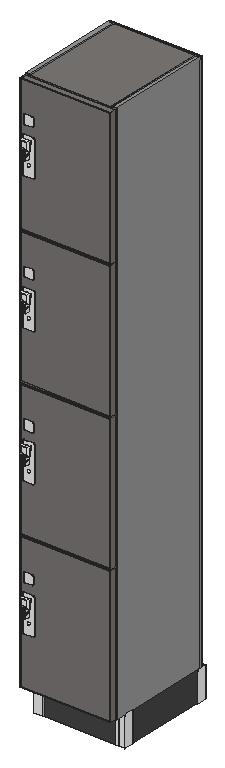
Revit family "Wood_Lockers_Hasps-Salsbury_Industries-44000_Series-1_Wide_Units", category Specialty Equipment, Revit 2026 (continued)
Definition of nested family "Premier Locker Doors_Hasp"
  Dimensions and locks (in)
    aligned and locked: plane 59 to cut or joined group of Extrusion 18, Extrusion 19
    aligned and locked: plane 61 to Extrusion 13 sketch curve  (x2)
    aligned and locked: plane 62 to Extrusion 13 sketch curve  (x2)
  Automatic sketch dimensions
    Extrusion 1 sketch curve to plane 4 "Left Side of Door" = 0.031"
    plane 5 "Right Side of Door" to Extrusion 1 sketch curve = 0.031"
    level to Extrusion 1 sketch curve = 0.031"
    plane 9 "Top of Door" to Extrusion 1 sketch curve = 0.031"
    Extrusion 2 sketch curve to plane 4 "Left Side of Door" = 0.031"
    plane 5 "Right Side of Door" to Extrusion 2 sketch curve = 0.031"
    level to Extrusion 2 sketch curve = 0.031"
    plane 9 "Top of Door" to Extrusion 2 sketch curve = 0.031"
    Extrusion 3 sketch curve to plane 4 "Left Side of Door" = 0.031"
    plane 5 "Right Side of Door" to Extrusion 3 sketch curve = 0.031"
    level to Extrusion 3 sketch curve = 0.031"
    plane 9 "Top of Door" to Extrusion 3 sketch curve = 0.031"
    plane 23 "Left Side of Door-Right Side of Trim" to Sweep 4 sketch curve = 0.000"
    plane 24 "Right Side of Door-Left Side of Trim" to Sweep 4 sketch curve = 0.000"  (x2)
    Sweep 4 sketch curve to plane 26 "Bottom of Door-Top of Trim" = 0.000"
    Sweep 4 sketch curve to plane 25 "Top of Door-Bottom of Trim" = 0.000"
    profile plane to Sweep 4 sketch curve = 0.125"
    Sweep 4 sketch curve to Sweep 4 sketch curve = 0.031"
    Sweep 4 sketch curve to plane 1 "Center (Front/Back)" = 0.375"
    plane 1 "Center (Front/Back)" to Sweep 4 sketch curve = 0.375"
    Extrusion 7 sketch curve to plane 33 = 0.000"
    Extrusion 7 sketch curve to plane 34 = 0.000"
    plane 36 to Extrusion 8 sketch curve = 0.000"
    Extrusion 8 sketch curve to Extrusion 8 sketch curve = 0.500"
    plane 35 "Top Hinge" to Extrusion 8 sketch curve = 0.250"
    Extrusion 8 sketch curve to plane 35 "Top Hinge" = 0.250"
    plane 36 to Extrusion 9 sketch curve = 0.000"
    Extrusion 9 sketch curve to Extrusion 9 sketch curve = 0.500"
    plane 37 "Bottom Hinge" to Extrusion 9 sketch curve = 0.250"
    Extrusion 9 sketch curve to plane 37 "Bottom Hinge" = 0.250"
    plane 36 to Extrusion 10 sketch curve = 0.000"
    Extrusion 10 sketch curve to Extrusion 10 sketch curve = 0.500"
    curve 4 to level = 0.000"
    plane 4 "Left Side of Door" to curve 4 = 0.000"
    plane 5 "Right Side of Door" to curve 3 = 0.000"
    curve 3 to plane 9 "Top of Door" = 0.000"
    Extrusion 5 sketch curve to plane 13 "Left Side of Number Tag" = 0.000"
    Extrusion 5 sketch curve to plane 12 "Bottom of Number Tag" = 0.000"
    Extrusion 5 sketch curve to plane 11 "Top of Number Tag" = 0.000"
    Extrusion 5 sketch curve to plane 14 "Right Side of Number Tag" = 0.000"
    Extrusion 6 sketch curve to plane 13 "Left Side of Number Tag" = 0.000"
    Extrusion 6 sketch curve to plane 12 "Bottom of Number Tag" = 0.000"
    Extrusion 6 sketch curve to plane 11 "Top of Number Tag" = 0.000"
    Extrusion 6 sketch curve to plane 14 "Right Side of Number Tag" = 0.000"
    Extrusion 11 sketch curve to plane 13 "Left Side of Number Tag" = 0.125"
    Extrusion 10 sketch curve to plane 10 "Center of Door" = 0.250"
    plane 10 "Center of Door" to Extrusion 10 sketch curve = 0.250"
    Extrusion 11 sketch curve to plane 21 "Bottom of Lock" = 0.125"
    plane 13 "Left Side of Number Tag" to Extrusion 5 sketch curve = 0.14916"
    Extrusion 5 sketch curve to Extrusion 5 sketch curve = 0.14916"  (x2)
    plane 13 "Left Side of Number Tag" to Extrusion 6 sketch curve = 0.14916"
    Extrusion 6 sketch curve to plane 12 "Bottom of Number Tag" = 0.14916"
    plane 13 "Left Side of Number Tag" to Extrusion 11 sketch curve = 0.000"  (x2)
    Extrusion 5 sketch curve to plane 12 "Bottom of Number Tag" = 0.14916"
    Extrusion 6 sketch curve to plane 14 "Right Side of Number Tag" = 0.14916"  (x2)
    plane 14 "Right Side of Number Tag" to Extrusion 11 sketch curve = 0.000"  (x2)
    Extrusion 12 sketch curve to plane 17 "Left Side of Lock" = 0.000"
    plane 13 "Left Side of Number Tag" to Extrusion 12 sketch curve = 0.000"  (x2)
    plane 14 "Right Side of Number Tag" to Extrusion 12 sketch curve = 0.000"  (x2)
    Extrusion 12 sketch curve to plane 20 "Top of Lock" = 0.000"
    Extrusion 12 sketch curve to plane 18 "Right Side of Lock" = 0.000"
    Extrusion 12 sketch curve to plane 21 "Bottom of Lock" = 0.125"
    plane 15 "Horizontal Center of Number Tag" to Sweep 14 sketch curve = 0.000"
    Sweep 14 sketch curve to plane 50 "Stud Alignment" = 0.000"
    Sweep 14 sketch curve to plane 7 "Front of Door" = 0.000"
    Sweep 14 sketch curve to profile plane = 0.000"
    profile plane to Sweep 14 sketch curve = 0.00168"
    profile plane to Sweep 14 sketch curve = 0.156"
    Sweep 14 sketch curve to plane 7 "Front of Door" = 0.03275"
    Extrusion 15 sketch curve to Extrusion 15 sketch curve = 0.000"  (x2)
    Extrusion 15 sketch curve to plane 50 "Stud Alignment" = 0.000"
    plane 15 "Horizontal Center of Number Tag" to Extrusion 15 sketch curve = 0.000"
    plane 15 "Horizontal Center of Number Tag" to Extrusion 15 sketch curve = 0.010"
    plane 13 "Left Side of Number Tag" to Sweep 16 sketch curve = 0.000"
    plane 14 "Right Side of Number Tag" to Sweep 16 sketch curve = 0.000"
    Sweep 16 sketch curve to plane 45 = 0.000"
    Sweep 16 sketch curve to plane 42 = 0.000"
    Sweep 16 sketch curve to plane 7 "Front of Door" = 0.000"
    profile plane to Sweep 16 sketch curve = 0.000"
    profile plane to Sweep 16 sketch curve = 0.22043"
    Sweep 16 sketch curve to Sweep 16 sketch curve = 0.01681"
    profile plane to Sweep 16 sketch curve = 0.33926"
    Sweep 16 sketch curve to Sweep 16 sketch curve = 0.14344"
    Sweep 16 sketch curve to Sweep 16 sketch curve = 0.15329"
    Sweep 16 sketch curve to Sweep 16 sketch curve = 0.59563"
    Sweep 16 sketch curve to Sweep 16 sketch curve = 0.24142"
    Sweep 16 sketch curve to Sweep 16 sketch curve = 0.00858"
    Sweep 16 sketch curve to Sweep 16 sketch curve = 0.51788"
    Sweep 16 sketch curve to Sweep 16 sketch curve = 0.31119"
    Sweep 16 sketch curve to Sweep 16 sketch curve = 0.11721"
    Sweep 16 sketch curve to Sweep 16 sketch curve = 0.01742"
    Sweep 16 sketch curve to Sweep 16 sketch curve = 0.06553"
    Sweep 16 sketch curve to Sweep 16 sketch curve = 0.000"
    Blend 17 sketch curve to plane 54 = 0.000"
    Blend 17 sketch curve to plane 55 = 0.000"
    Blend 17 sketch curve to plane 47 = 0.21496"
    plane 48 to Blend 17 sketch curve = 0.21496"
    plane 54 to Blend 17 sketch curve = 0.03267"
    Blend 17 sketch curve to plane 40 = 0.00461"
    Blend 17 sketch curve to plane 47 = 0.18235"
    plane 48 to Blend 17 sketch curve = 0.18227"
    Extrusion 18 sketch curve to plane 57 = 0.000"
    Extrusion 18 sketch curve to plane 58 = 0.000"
    plane 59 to Extrusion 19 sketch curve = 0.000"
    Extrusion 19 sketch curve to plane 22 "Front of Hasp Stud" = 0.16637"
    curve 29 to plane 14 "Right Side of Number Tag" = 0.000"
    curve 29 to plane 20 "Top of Lock" = 0.000"
    curve 30 to plane 18 "Right Side of Lock" = 0.000"
    curve 29 to plane 13 "Left Side of Number Tag" = 0.000"
    curve 31 to plane 42 = 0.000"
    curve 32 to plane 21 "Bottom of Lock" = 0.125"
    curve 34 to plane 14 "Right Side of Number Tag" = 0.000"
    curve 35 to plane 13 "Left Side of Number Tag" = 0.000"
    plane 15 "Horizontal Center of Number Tag" to curve 37 = 0.000"
    plane 47 to curve 37 = 0.000"
    plane 57 to curve 37 = 0.0599"
    curve 39 to plane 58 = 0.0661"
    curve 42 to plane 14 "Right Side of Number Tag" = 0.000"
    curve 41 to plane 13 "Left Side of Number Tag" = 0.000"
    curve 41 to plane 45 = 0.000"
    curve 43 to plane 42 = 0.000"
    curve 46 to plane 57 = 0.000"
    curve 46 to plane 15 "Horizontal Center of Number Tag" = 0.063"
    plane 15 "Horizontal Center of Number Tag" to curve 45 = 0.063"
    curve 47 to plane 58 = 0.000"
    curve 15 to plane 6 "Back of Door" = 0.000"
    plane 9 "Top of Door" to curve 15 = 0.000"
    plane 57 to curve 49 = 0.000"
    curve 51 to plane 56 "Front of Latch" = 0.000"
    plane 58 to curve 51 = 0.000"
    curve 17 to level = 0.000"
    plane 59 to curve 52 = 0.000"
    curve 53 to plane 22 "Front of Hasp Stud" = 0.16637"
    plane 7 "Front of Door" to curve 53 = 0.04137"
    plane 53 to curve 54 = 0.05633"
    curve 54 to plane 22 "Front of Hasp Stud" = 0.11642"
    plane 55 to curve 55 = 0.00161"
    curve 55 to plane 40 = 0.00465"
    plane 45 to curve 56 = 0.000"
    curve 56 to plane 39 "Front of Knob" = 0.01788"
    curve 56 to plane 40 = 0.08926"
    plane 55 to curve 57 = 0.000"
    curve 57 to plane 40 = 0.03757"
    plane 39 "Front of Knob" to curve 57 = 0.004"
    plane 42 to curve 60 = 0.000"
    curve 58 to plane 39 "Front of Knob" = 0.000"
    plane 54 to curve 58 = 0.000"
    plane 54 to curve 59 = 0.000"
    plane 55 to curve 58 = 0.000"
    curve 60 to plane 39 "Front of Knob" = 0.01788"
    curve 60 to plane 52 = 0.09774"
    plane 54 to curve 60 = 0.03261"
    plane 56 "Front of Latch" to curve 59 = 0.02711"
    plane 54 to curve 59 = 0.06553"
    plane 39 "Front of Knob" to curve 59 = 0.004"
    curve 61 to plane 54 = 0.00161"
    curve 61 to plane 22 "Front of Hasp Stud" = 0.11642"
    plane 6 "Back of Door" to curve 9 = 0.000"
    curve 6 to plane 4 "Left Side of Door" = 0.000"
    plane 7 "Front of Door" to curve 6 = 0.000"
    plane 7 "Front of Door" to curve 28 = 0.000"
    curve 67 to plane 14 "Right Side of Number Tag" = 0.000"
    curve 65 to plane 13 "Left Side of Number Tag" = 0.000"
    curve 66 to plane 39 "Front of Knob" = 0.000"
    curve 28 to plane 17 "Left Side of Lock" = 0.000"
    curve 28 to plane 18 "Right Side of Lock" = 0.000"
    curve 8 to plane 5 "Right Side of Door" = 0.000"
    curve 64 to plane 22 "Front of Hasp Stud" = 0.11642"
    curve 69 to plane 22 "Front of Hasp Stud" = 0.11642"
    curve 68 to plane 39 "Front of Knob" = 0.01788"
    curve 65 to plane 39 "Front of Knob" = 0.01788"
    curve 14 to plane 23 "Left Side of Door-Right Side of Trim" = 0.07537"
    plane 48 to curve 64 = 0.21657"
    plane 48 to curve 65 = 0.09774"
    plane 48 to curve 63 = 0.05633"
    curve 70 to plane 47 = 0.05633"
    curve 68 to plane 47 = 0.09774"
    curve 69 to curve 69 = 0.16024"
    curve 64 to curve 65 = 0.15655"
    curve 69 to curve 68 = 0.15655"
    plane 39 "Front of Knob" to curve 67 = 0.004"
    plane 33 to curve 14 = 0.250"
    curve 66 to curve 65 = 0.11721"
    curve 67 to plane 47 = 0.14943"
    curve 68 to curve 66 = 0.11721"
    curve 67 to curve 66 = 0.000"
    plane 39 "Front of Knob" to curve 71 = 0.004"
    curve 71 to curve 66 = 0.000"
    plane 48 to curve 71 = 0.14943"
    plane 1 "Center (Front/Back)" to curve 73 = 0.000"
    curve 73 to plane 4 "Left Side of Door" = 0.000"
    curve 73 to plane 60 = 0.000"
    plane 48 to Extrusion 13 sketch curve = 0.000"
    plane 15 "Horizontal Center of Number Tag" to Extrusion 13 sketch curve = 0.000"
    radius of Extrusion 7 sketch curve = 0.250"
    radius of Sweep 14 sketch curve = 0.010"
    radius of Extrusion 19 sketch curve = 0.250"
Definition of nested family "Wood Locker Bases"
  Parameters (values of type "Base - 12" W x 15" D Lockers")
    Width = 12.000"
    Visible Base = yes
    Visible = no
    Model = "Base - 12\" W x 15\" D Lockers"
    Manufacturer = "Salsbury Industries"
    Height = 4.000"
    Depth = 13.250"
    Default Elevation = 0.000"
    Base Secondary Material = none
    Base Primary Materials = none
    Base Hardware = none
  Types (14): name | Width | Visible Base | Visible | Model | Depth
    (no name) | 12.000" | yes | no | "Base - 12\" W x 15\" D Lockers" | 13.250"
    Base - 12" W x 15" D Lockers | 12.000" | yes | no | "Base - 12\" W x 15\" D Lockers" | 13.250"
    Base - 12" W x 18" D Lockers | 12.000" | yes | no | "Base - 12\" W x 18\" D Lockers" | 16.250"
    Base - 12" W x 21" D Lockers | 12.000" | yes | no | "Base - 12\" W x 21\" D Lockers" | 19.250"
    Base - 36" W x 15" D Lockers | 36.000" | yes | yes | "Base - 36\" W x 15\" D Lockers" | 13.250"
    Base - 36" W x 18" D Lockers | 36.000" | yes | yes | "Base - 36\" W x 18\" D Lockers" | 16.250"
    Base - 36" W x 21" D Lockers | 36.000" | yes | yes | "Base - 36\" W x 21\" D Lockers" | 19.250"
    Base - 15" W x 18" D Lockers | 15.000" | yes | no | "Base - 15\" W x 18\" D Lockers" | 16.250"
    Base - 15" W x 21" D Lockers | 15.000" | yes | no | "Base - 15\" W x 21\" D Lockers" | 19.250"
    Base - 15" W x 24" D Lockers | 15.000" | yes | no | "Base - 15\" W x 24\" D Lockers" | 22.250"
    Base - 45" W x 18" D Lockers | 45.000" | yes | yes | "Base - 45\" W x 18\" D Lockers" | 16.250"
    Base - 45" W x 21" D Lockers | 45.000" | yes | yes | "Base - 45\" W x 21\" D Lockers" | 19.250"
    Base - 45" W x 24" D Lockers | 45.000" | yes | yes | "Base - 45\" W x 24\" D Lockers" | 22.250"
    None | 12.000" | no | no | "Base - 12\" W x 15\" D Lockers" | 13.250"
  Reference planes (in)
    plane 1 "Center (Front/Back)": y = 0
    plane 2: z = 0
    plane 3 "Center (Left/Right)": x = 0
    plane 4 "Left Edge": x = -6
    plane 5 "Right Edge": x = 6
    plane 6 "Back Edge": y = 6.625
    plane 7 "Front Edge": y = -6.625
    plane 8 "Bottom Edge": z = 0
    plane 9 "Top Edge": z = 4
    plane 10: x = -4.75
    plane 11: x = -4.102
    plane 12: y = 6.562
    plane 13: y = 5.8
    plane 14: x = -5.131
    plane 15: x = -5.256
    plane 16: x = -5.937
    plane 17: x = -5.175
    plane 18: y = 4.727
    plane 19: y = 5.375
    plane 20: y = 5.756
    plane 21: y = 5.881
    plane 22: x = -5.931
    plane 23: x = 5.931
    plane 24: y = 6.556
    plane 25: y = -6.556
    plane 26: y = 6.525
    plane 27: y = -6.525
    plane 28: x = -5.9
    plane 29: x = 5.9
    plane 30: x = -2.375
    plane 31: x = 2.375
  Forms (in)
    Extrusion 1, solid, material <- "Base Hardware", visible <- "Visible Base"
      sketch origin (0, 0, 0) x (1, 0, 0) y (0, 1, 0)
        loop
          arc (-5.96712, 6.625) -> (-5.99098, 6.61598) -> (-6, 6.59212) r 0.031
          line (-6, 6.59212) -> (-6, 5.4065)
          arc (-6, 5.4065) -> (-5.9685, 5.375) -> (-5.937, 5.4065) r 0.0315
          line (-5.937, 5.4065) -> (-5.937, 5.756) -> (-5.837, 5.756) -> (-5.837, 5.819) -> (-5.937, 5.819) -> (-5.937, 6.51465) -> (-5.256, 5.83365) -> (-5.256, 5.756) -> (-5.175, 5.756) -> (-5.175, 4.75833)
          arc (-5.175, 4.75833) -> (-5.14367, 4.727) -> (-5.11235, 4.75833) r 0.03133
          line (-5.11235, 4.75833) -> (-5.11235, 5.73703) -> (-4.13348, 5.73703)
          arc (-4.13348, 5.73703) -> (-4.102, 5.76852) -> (-4.13348, 5.8) r 0.03148
          line (-4.13348, 5.8) -> (-5.131, 5.8) -> (-5.131, 5.881) -> (-5.21422, 5.881) -> (-5.89522, 6.562) -> (-5.194, 6.562) -> (-5.194, 6.462) -> (-5.131, 6.462) -> (-5.131, 6.562) -> (-4.7814, 6.562)
          arc (-4.7814, 6.562) -> (-4.7499, 6.5935) -> (-4.7814, 6.625) r 0.0315
          line (-4.7814, 6.625) -> (-5.96712, 6.625)
      from 0 to 4
    Extrusion 2, solid, material <- "Base Hardware", visible <- "Visible Base"
      sketch origin (0, 0, 0) x (-1, 0, 0) y (0, -1, 0)
        loop
          line (-5.96712, -6.625) -> (-4.7814, -6.625)
          arc (-4.7814, -6.625) -> (-4.7499, -6.5935) -> (-4.7814, -6.562) r 0.0315
          line (-4.7814, -6.562) -> (-5.131, -6.562) -> (-5.131, -6.462) -> (-5.194, -6.462) -> (-5.194, -6.562) -> (-5.89522, -6.562) -> (-5.21422, -5.881) -> (-5.131, -5.881) -> (-5.131, -5.8) -> (-4.13348, -5.8)
          arc (-4.13348, -5.8) -> (-4.102, -5.76852) -> (-4.13348, -5.73703) r 0.03148
          line (-4.13348, -5.73703) -> (-5.11235, -5.73703) -> (-5.11235, -4.75833)
          arc (-5.11235, -4.75833) -> (-5.14367, -4.727) -> (-5.175, -4.75833) r 0.03133
          line (-5.175, -4.75833) -> (-5.175, -5.756) -> (-5.256, -5.756) -> (-5.256, -5.83365) -> (-5.937, -6.51465) -> (-5.937, -5.819) -> (-5.837, -5.819) -> (-5.837, -5.756) -> (-5.937, -5.756) -> (-5.937, -5.4065)
          arc (-5.937, -5.4065) -> (-5.9685, -5.375) -> (-6, -5.4065) r 0.0315
          line (-6, -5.4065) -> (-6, -6.59212)
          arc (-6, -6.59212) -> (-5.99098, -6.61598) -> (-5.96712, -6.625) r 0.031
      from 0 to 4
    Extrusion 3, solid, material <- "Base Hardware", visible <- "Visible Base"
      sketch origin (0, 0, 0) x (1, 0, 0) y (0, 1, 0)
        loop
          line (-5.96712, -6.625) -> (-4.7814, -6.625)
          arc (-4.7814, -6.625) -> (-4.7499, -6.5935) -> (-4.7814, -6.562) r 0.0315
          line (-4.7814, -6.562) -> (-5.131, -6.562) -> (-5.131, -6.462) -> (-5.194, -6.462) -> (-5.194, -6.562) -> (-5.89522, -6.562) -> (-5.21422, -5.881) -> (-5.131, -5.881) -> (-5.131, -5.8) -> (-4.13348, -5.8)
          arc (-4.13348, -5.8) -> (-4.102, -5.76852) -> (-4.13348, -5.73703) r 0.03148
          line (-4.13348, -5.73703) -> (-5.11235, -5.73703) -> (-5.11235, -4.75833)
          arc (-5.11235, -4.75833) -> (-5.14367, -4.727) -> (-5.175, -4.75833) r 0.03133
          line (-5.175, -4.75833) -> (-5.175, -5.756) -> (-5.256, -5.756) -> (-5.256, -5.83365) -> (-5.937, -6.51465) -> (-5.937, -5.819) -> (-5.837, -5.819) -> (-5.837, -5.756) -> (-5.937, -5.756) -> (-5.937, -5.4065)
          arc (-5.937, -5.4065) -> (-5.9685, -5.375) -> (-6, -5.4065) r 0.0315
          line (-6, -5.4065) -> (-6, -6.59212)
          arc (-6, -6.59212) -> (-5.99098, -6.61598) -> (-5.96712, -6.625) r 0.031
      from 0 to 4
    Extrusion 4, solid, material <- "Base Hardware", visible <- "Visible Base"
      sketch origin (0, 0, 0) x (-1, 0, 0) y (0, -1, 0)
        loop
          arc (-5.96712, 6.625) -> (-5.99098, 6.61598) -> (-6, 6.59212) r 0.031
          line (-6, 6.59212) -> (-6, 5.4065)
          arc (-6, 5.4065) -> (-5.9685, 5.375) -> (-5.937, 5.4065) r 0.0315
          line (-5.937, 5.4065) -> (-5.937, 5.756) -> (-5.837, 5.756) -> (-5.837, 5.819) -> (-5.937, 5.819) -> (-5.937, 6.51465) -> (-5.256, 5.83365) -> (-5.256, 5.756) -> (-5.175, 5.756) -> (-5.175, 4.75833)
          arc (-5.175, 4.75833) -> (-5.14367, 4.727) -> (-5.11235, 4.75833) r 0.03133
          line (-5.11235, 4.75833) -> (-5.11235, 5.73703) -> (-4.13348, 5.73703)
          arc (-4.13348, 5.73703) -> (-4.102, 5.76852) -> (-4.13348, 5.8) r 0.03148
          line (-4.13348, 5.8) -> (-5.131, 5.8) -> (-5.131, 5.881) -> (-5.21422, 5.881) -> (-5.89522, 6.562) -> (-5.194, 6.562) -> (-5.194, 6.462) -> (-5.131, 6.462) -> (-5.131, 6.562) -> (-4.7814, 6.562)
          arc (-4.7814, 6.562) -> (-4.7499, 6.5935) -> (-4.7814, 6.625) r 0.0315
          line (-4.7814, 6.625) -> (-5.96712, 6.625)
      from 0 to 4
    Extrusion 5, solid, material <- "Base Secondary Material", visible <- "Visible Base"
      sketch origin (0, 0, 0) x (0, -1, 0) y (1, 0, 0)
        loop
          line (-5.756, 5.9) -> (-5.756, 5.181) -> (5.75697, 5.181) -> (5.75697, 5.9) -> (-5.756, 5.9)
      from 0 to 4
    Extrusion 6, solid, material <- "Base Secondary Material", visible <- "Visible Base"
      sketch origin (0, 0, 0) x (0, -1, 0) y (1, 0, 0)
        loop
          line (-5.756, -5.9) -> (5.75697, -5.9) -> (5.75697, -5.181) -> (-5.756, -5.181) -> (-5.756, -5.9)
      from 0 to 4
    Extrusion 7, solid, material <- "Base Secondary Material", visible <- "Visible Base"
      sketch origin (-2.05521, 0.625, 0) x (1, 0, 0) y (0, 1, 0)
        loop
          line (-3.07579, 5.9) -> (-3.07579, 5.181) -> (7.18621, 5.181) -> (7.18621, 5.9) -> (-3.07579, 5.9)
      from 0 to 4
    Extrusion 8, solid, material <- "Base Secondary Material", visible <- "Visible Base"
      sketch origin (-2.05521, -0.625, 0) x (1, 0, 0) y (0, 1, 0)
        loop
          line (-3.07579, -5.9) -> (7.18621, -5.9) -> (7.18621, -5.181) -> (-3.07579, -5.181) -> (-3.07579, -5.9)
      from 0 to 4
    Extrusion 9, solid, material <- "Base Primary Materials", visible <- "Visible Base"
      sketch origin (0.76452, 0, 0) x (0, -1, 0) y (1, 0, 0)
        loop
          line (-5.756, 5.16648) -> (-5.756, 5.13548) -> (5.75697, 5.13548) -> (5.75697, 5.16648) -> (-5.756, 5.16648)
      from 0 to 4
    Extrusion 10, solid, material <- "Base Primary Materials", visible <- "Visible Base"
      sketch origin (-0.719, 0, 0) x (0, -1, 0) y (1, 0, 0)
        loop
          line (-5.756, -5.212) -> (5.75697, -5.212) -> (5.75697, -5.181) -> (-5.756, -5.181) -> (-5.756, -5.212)
      from 0 to 4
    Extrusion 11, solid, material <- "Base Primary Materials", visible <- "Visible Base"
      sketch origin (-2.05521, 1.344, 0) x (1, 0, 0) y (0, 1, 0)
        loop
          line (-3.07579, 5.218) -> (-3.07579, 5.181) -> (7.18621, 5.181) -> (7.18621, 5.218) -> (-3.07579, 5.218)
      from 0 to 4
    Extrusion 12, solid, material <- "Base Primary Materials", visible <- "Visible Base"
      sketch origin (-2.05521, -1.344, 0) x (1, 0, 0) y (0, 1, 0)
        loop
          line (-3.07579, -5.212) -> (7.18621, -5.212) -> (7.18621, -5.181) -> (-3.07579, -5.181) -> (-3.07579, -5.212)
      from 0 to 4
    Extrusion 13, solid, material <- "Base Secondary Material", visible <- "Visible"
      sketch origin (0, 0, 4) x (0, -1, 0) y (1, 0, 0)
        loop
          line (-5.806, -2.375) -> (5.806, -2.375) -> (5.806, 2.375) -> (-5.806, 2.375) -> (-5.806, -2.375)
      from 0 to -0.75
    Extrusion 14, solid, material <- "Base Secondary Material", visible <- "Visible"
      sketch origin (0, 0, 0) x (0, -1, 0) y (1, 0, 0)
        loop
          line (-5.806, -2.375) -> (-5.056, -2.375) -> (-5.056, 2.375) -> (-5.806, 2.375) -> (-5.806, -2.375)
      from 0 to 3.25
    Extrusion 15, solid, material <- "Base Secondary Material", visible <- "Visible"
      sketch origin (0, 0, 0) x (0, 1, 0) y (-1, 0, 0)
        loop
          line (-5.806, 2.375) -> (-5.806, -2.375) -> (-5.056, -2.375) -> (-5.056, 2.375) -> (-5.806, 2.375)
      from 0 to 3.25
  Dimensions and locks (in)
    equal spacing: plane 4 "Left Edge", plane 3 "Center (Left/Right)", plane 5 "Right Edge"
    "Width": plane 4 "Left Edge" to plane 5 "Right Edge"
    equal spacing: plane 7 "Front Edge", plane 1 "Center (Front/Back)", plane 6 "Back Edge"
    "Depth": plane 7 "Front Edge" to plane 6 "Back Edge"
    "Height": plane 9 "Top Edge" to plane 8 "Bottom Edge"
    locked: plane 4 "Left Edge" to plane 10 at 1.25
    locked: plane 4 "Left Edge" to plane 11 at 1.898
    locked: plane 12 to plane 6 "Back Edge" at 0.063
    plane 14 to plane 10 = 0.381"
    locked: plane 12 to plane 13 at 0.762
    locked: plane 4 "Left Edge" to plane 16 at 0.063
    locked: plane 16 to plane 17 at 0.762
    locked: plane 19 to plane 6 "Back Edge" at 1.25
    locked: plane 18 to plane 6 "Back Edge" at 1.898
    plane 15 to plane 17 = 0.081"
    plane 21 to plane 13 = 0.081"
    plane 19 to plane 20 = 0.381"
    plane 24 to plane 6 "Back Edge" = 0.069"
    plane 7 "Front Edge" to plane 25 = 0.069"
    plane 23 to plane 5 "Right Edge" = 0.069"
    plane 4 "Left Edge" to plane 22 = 0.069"
    plane 26 to plane 24 = 0.031"
    plane 25 to plane 27 = 0.031"
    plane 22 to plane 28 = 0.031"
    plane 29 to plane 23 = 0.031"
    plane 30 to plane 3 "Center (Left/Right)" to plane 31 = 2.375" locked, 2.375" locked
    aligned and locked: level to plane 2
    aligned and locked: plane 30 to Extrusion 13
    aligned and locked: plane 30 to Extrusion 14
    aligned and locked: plane 30 to Extrusion 15
    aligned and locked: Extrusion 13 to plane 31
    aligned and locked: Extrusion 14 to plane 31
    aligned and locked: Extrusion 15 to plane 31
  Automatic sketch dimensions
    Extrusion 1 sketch curve to plane 4 "Left Edge" = 0.000"
    plane 6 "Back Edge" to Extrusion 1 sketch curve = 0.000"
    Extrusion 1 sketch curve to plane 16 = 0.000"  (x2)
    Extrusion 1 sketch curve to plane 12 = 0.000"  (x2)
    plane 20 to Extrusion 1 sketch curve = 0.000"  (x2)
    Extrusion 1 sketch curve to plane 15 = 0.000"
    plane 21 to Extrusion 1 sketch curve = 0.000"
    Extrusion 1 sketch curve to plane 17 = 0.000"
    Extrusion 1 sketch curve to plane 14 = 0.000"  (x2)
    Extrusion 1 sketch curve to plane 13 = 0.000"
    Extrusion 1 sketch curve to plane 4 "Left Edge" = 0.03094"
    plane 16 to Extrusion 1 sketch curve = 0.03012"
    Extrusion 1 sketch curve to plane 28 = 0.00478"
    Extrusion 1 sketch curve to plane 28 = 0.063"
    plane 17 to Extrusion 1 sketch curve = 0.03922"
    plane 17 to Extrusion 1 sketch curve = 0.019"
    plane 14 to Extrusion 1 sketch curve = 0.01267"
    plane 10 to Extrusion 1 sketch curve = 0.0314"
    plane 11 to Extrusion 1 sketch curve = 0.03148"
    plane 20 to Extrusion 1 sketch curve = 0.01897"
    Extrusion 1 sketch curve to plane 19 = 0.0315"
    Extrusion 1 sketch curve to plane 18 = 0.03133"
    plane 13 to Extrusion 1 sketch curve = 0.019"
    plane 13 to Extrusion 1 sketch curve = 0.03365"
    plane 26 to Extrusion 1 sketch curve = 0.063"
    plane 26 to Extrusion 1 sketch curve = 0.01035"
    plane 12 to Extrusion 1 sketch curve = 0.03012"
    Extrusion 2 sketch curve to plane 5 "Right Edge" = 0.000"
    plane 6 "Back Edge" to Extrusion 2 sketch curve = 0.000"
    plane 20 to Extrusion 2 sketch curve = 0.000"  (x2)
    plane 12 to Extrusion 2 sketch curve = 0.000"  (x2)
    plane 21 to Extrusion 2 sketch curve = 0.000"
    plane 13 to Extrusion 2 sketch curve = 0.000"
    Extrusion 2 sketch curve to plane 5 "Right Edge" = 0.03094"
    Extrusion 2 sketch curve to Extrusion 2 sketch curve = 0.0315"
    Extrusion 2 sketch curve to Extrusion 2 sketch curve = 0.00194"
    plane 23 to Extrusion 2 sketch curve = 0.006"
    Extrusion 2 sketch curve to plane 29 = 0.00478"
    Extrusion 2 sketch curve to plane 29 = 0.063"
    Extrusion 2 sketch curve to plane 13 = 0.03365"
    Extrusion 2 sketch curve to Extrusion 2 sketch curve = 0.581"
    Extrusion 2 sketch curve to Extrusion 2 sketch curve = 0.04178"
    Extrusion 2 sketch curve to plane 26 = 0.063"
    Extrusion 2 sketch curve to Extrusion 2 sketch curve = 0.02022"
    plane 18 to Extrusion 2 sketch curve = 0.03133"
    Extrusion 2 sketch curve to plane 29 = 0.725"
    Extrusion 2 sketch curve to Extrusion 2 sketch curve = 0.03133"
    Extrusion 2 sketch curve to Extrusion 2 sketch curve = 0.063"
    Extrusion 2 sketch curve to Extrusion 2 sketch curve = 0.08322"
    Extrusion 2 sketch curve to Extrusion 2 sketch curve = 0.3496"
    Extrusion 2 sketch curve to Extrusion 2 sketch curve = 0.97886"
    plane 19 to Extrusion 2 sketch curve = 0.0315"
    Extrusion 2 sketch curve to plane 20 = 0.01897"
    Extrusion 2 sketch curve to plane 13 = 0.019"
    Extrusion 2 sketch curve to plane 26 = 0.01035"
    Extrusion 2 sketch curve to plane 12 = 0.03012"
    Extrusion 3 sketch curve to plane 4 "Left Edge" = 0.000"
    plane 7 "Front Edge" to Extrusion 3 sketch curve = 0.000"
    Extrusion 3 sketch curve to plane 16 = 0.000"  (x2)
    Extrusion 3 sketch curve to plane 15 = 0.000"
    Extrusion 3 sketch curve to plane 17 = 0.000"
    Extrusion 3 sketch curve to plane 14 = 0.000"  (x2)
    plane 4 "Left Edge" to Extrusion 3 sketch curve = 0.03094"
    Extrusion 3 sketch curve to plane 16 = 0.03012"
    plane 28 to Extrusion 3 sketch curve = 0.00478"
    plane 28 to Extrusion 3 sketch curve = 0.063"
    Extrusion 3 sketch curve to plane 17 = 0.03922"
    Extrusion 3 sketch curve to plane 17 = 0.019"
    Extrusion 3 sketch curve to plane 14 = 0.01267"
    Extrusion 3 sketch curve to plane 25 = 0.006"  (x2)
    Extrusion 3 sketch curve to plane 10 = 0.0314"
    Extrusion 3 sketch curve to plane 11 = 0.03148"
    plane 27 to Extrusion 3 sketch curve = 0.01035"
    plane 27 to Extrusion 3 sketch curve = 0.063"
    Extrusion 3 sketch curve to Extrusion 3 sketch curve = 0.581"
    Extrusion 3 sketch curve to Extrusion 3 sketch curve = 0.04735"
    Extrusion 3 sketch curve to Extrusion 3 sketch curve = 0.01465"
    Extrusion 3 sketch curve to Extrusion 3 sketch curve = 0.081"
    Extrusion 3 sketch curve to Extrusion 3 sketch curve = 0.03148"
    Extrusion 3 sketch curve to Extrusion 3 sketch curve = 0.044"
    Extrusion 3 sketch curve to Extrusion 3 sketch curve = 0.063"
    Extrusion 3 sketch curve to Extrusion 3 sketch curve = 0.3495"
    Extrusion 3 sketch curve to Extrusion 3 sketch curve = 0.97871"
    plane 7 "Front Edge" to Extrusion 3 sketch curve = 0.03288"
    Extrusion 4 sketch curve to plane 5 "Right Edge" = 0.000"
    plane 7 "Front Edge" to Extrusion 4 sketch curve = 0.000"
    plane 5 "Right Edge" to Extrusion 4 sketch curve = 0.03094"
    Extrusion 4 sketch curve to Extrusion 4 sketch curve = 0.0315"
    Extrusion 4 sketch curve to Extrusion 4 sketch curve = 0.00194"
    Extrusion 4 sketch curve to plane 23 = 0.006"
    plane 29 to Extrusion 4 sketch curve = 0.00478"
    plane 29 to Extrusion 4 sketch curve = 0.063"
    Extrusion 4 sketch curve to Extrusion 4 sketch curve = 0.581"
    Extrusion 4 sketch curve to Extrusion 4 sketch curve = 0.04178"
    Extrusion 4 sketch curve to plane 27 = 0.063"
    Extrusion 4 sketch curve to Extrusion 4 sketch curve = 0.02022"
    plane 29 to Extrusion 4 sketch curve = 0.725"
    Extrusion 4 sketch curve to Extrusion 4 sketch curve = 0.03133"
    Extrusion 4 sketch curve to Extrusion 4 sketch curve = 0.063"  (x2)
    Extrusion 4 sketch curve to Extrusion 4 sketch curve = 0.08322"
    plane 25 to Extrusion 4 sketch curve = 0.006"  (x2)
    Extrusion 4 sketch curve to Extrusion 4 sketch curve = 0.3496"
    Extrusion 4 sketch curve to plane 27 = 0.725"
    Extrusion 4 sketch curve to Extrusion 4 sketch curve = 0.97886"
    Extrusion 4 sketch curve to Extrusion 4 sketch curve = 0.03148"
    Extrusion 4 sketch curve to Extrusion 4 sketch curve = 0.044"
    Extrusion 4 sketch curve to Extrusion 4 sketch curve = 0.000"
    Extrusion 4 sketch curve to Extrusion 4 sketch curve = 0.3495"
    Extrusion 4 sketch curve to Extrusion 4 sketch curve = 0.97871"
    Extrusion 4 sketch curve to Extrusion 4 sketch curve = 0.07765"
    Extrusion 4 sketch curve to Extrusion 4 sketch curve = 0.081"
    Extrusion 4 sketch curve to plane 27 = 0.01035"
    Extrusion 4 sketch curve to plane 7 "Front Edge" = 0.03288"
    plane 20 to Extrusion 5 sketch curve = 0.000"
    Extrusion 5 sketch curve to plane 29 = 0.000"
    Extrusion 5 sketch curve to plane 27 = 0.76803"
    plane 29 to Extrusion 5 sketch curve = 0.719"
    plane 20 to Extrusion 6 sketch curve = 0.000"
    Extrusion 6 sketch curve to plane 28 = 0.000"
    plane 27 to Extrusion 6 sketch curve = 0.76803"
    Extrusion 6 sketch curve to plane 17 = 0.006"
    Extrusion 7 sketch curve to plane 14 = 0.000"
    plane 26 to Extrusion 7 sketch curve = 0.000"
    plane 29 to Extrusion 7 sketch curve = 0.769"
    plane 13 to Extrusion 7 sketch curve = 0.006"
    Extrusion 8 sketch curve to plane 14 = 0.000"
    plane 27 to Extrusion 8 sketch curve = 0.000"
    Extrusion 8 sketch curve to plane 29 = 0.769"
    plane 27 to Extrusion 8 sketch curve = 0.719"
    plane 20 to Extrusion 9 sketch curve = 0.000"
    Extrusion 9 sketch curve to plane 23 = 0.000"
    Extrusion 9 sketch curve to plane 29 = 0.000"
    Extrusion 9 sketch curve to plane 27 = 0.76803"
    plane 20 to Extrusion 10 sketch curve = 0.000"
    Extrusion 10 sketch curve to plane 22 = 0.000"
    Extrusion 10 sketch curve to plane 28 = 0.000"
    plane 27 to Extrusion 10 sketch curve = 0.76803"
    Extrusion 11 sketch curve to plane 14 = 0.000"
    plane 12 to Extrusion 11 sketch curve = 0.000"
    plane 26 to Extrusion 11 sketch curve = 0.000"
    plane 29 to Extrusion 11 sketch curve = 0.769"
    Extrusion 12 sketch curve to plane 14 = 0.000"
    plane 25 to Extrusion 12 sketch curve = 0.000"
    plane 27 to Extrusion 12 sketch curve = 0.000"
    Extrusion 12 sketch curve to plane 29 = 0.769"
    plane 13 to Extrusion 13 sketch curve = 0.006"
    Extrusion 13 sketch curve to plane 27 = 0.719"
    Extrusion 13 sketch curve to plane 11 = 1.727"
    plane 3 "Center (Left/Right)" to Extrusion 13 sketch curve = 2.375"
    plane 13 to Extrusion 14 sketch curve = 0.006"
    plane 19 to Extrusion 14 sketch curve = 0.319"
    Extrusion 14 sketch curve to plane 11 = 1.727"
    plane 3 "Center (Left/Right)" to Extrusion 14 sketch curve = 2.375"
    plane 27 to Extrusion 15 sketch curve = 0.719"
    Extrusion 15 sketch curve to Extrusion 15 sketch curve = 0.750"
    plane 11 to Extrusion 15 sketch curve = 1.727"
    Extrusion 15 sketch curve to plane 3 "Center (Left/Right)" = 2.375"
Definition of nested family "Wood Locker Sloping Hoods"
  Parameters (values of type "44359 - for 15" Deep Lockers (3 Wide)")
    Width = 36.000"
    Visible = yes
    Version = "1.0 (12/15/23)"
    Type Comments = "Sloping Hood for Premier Wood Lockers"
    Model = "44359"
    Manufacturer = "Salsbury Industries"
    Laminate Surface = none
    Height = 5.743"
    Description = "For 15\" D - 3 Wide Lockers"
    Depth = 14.625"
    Default Elevation = 0.000"
  Types (20): name | Width | Visible | Version | Type Comments | Model | Manufacturer | Height | Description | Depth
    (no name) | 36.000" | yes | "1.0 (12/15/23)" | "Sloping Hood for Premier Wood Lockers" | "44359" | "Salsbury Industries" | 5.743" | "For 15\" D - 3 Wide Lockers" | 14.625"
    44357 - for 15" Deep Lockers (1 Wide) | 12.000" | yes | "1.0 (12/15/23)" | "Sloping Hood for Premier Wood Lockers" | "44357" | "Salsbury Industries" | 5.743" | "For 15\" D - 1 Wide Lockers" | 14.625"
    44353 - for 18" Deep Lockers (1 Wide) | 12.000" | yes | "1.0 (12/15/23)" | "Sloping Hood for Premier Wood Lockers" | "44353" | "Salsbury Industries" | 6.868" | "For 18\" D - 1 Wide Lockers" | 17.625"
    44352 - for 21" Deep Lockers (1 Wide) | 12.000" | yes | "1.0 (12/15/23)" | "Sloping Hood for Premier Wood Lockers" | "44352" | "Salsbury Industries" | 7.993" | "For 21\" D - 1 Wide Lockers" | 20.625"
    44359 - for 15" Deep Lockers (3 Wide) | 36.000" | yes | "1.0 (12/15/23)" | "Sloping Hood for Premier Wood Lockers" | "44359" | "Salsbury Industries" | 5.743" | "For 15\" D - 3 Wide Lockers" | 14.625"
    44356 - for 18" Deep Lockers (3 Wide) | 36.000" | yes | "1.0 (12/15/23)" | "Sloping Hood for Premier Wood Lockers" | "44356" | "Salsbury Industries" | 6.868" | "For 18\" D - 3 Wide Lockers" | 17.625"
    44354 - for 21" Deep Lockers (3 Wide) | 36.000" | yes | "1.0 (12/15/23)" | "Sloping Hood for Premier Wood Lockers" | "44354" | "Salsbury Industries" | 7.993" | "For 21\" D - 3 Wide Lockers" | 20.625"
    44255 - for 24" Deep Lockers (1 Wide) | 15.000" | yes | "1.0 (12/15/23)" | "Sloping Hood for Premier Wood Lockers" | "44255" | "Salsbury Industries" | 9.118" | "For 24\" D - 1 Wood Lockers" | 23.625"
    442257 - for 24" Deep Lockers (3 Wide) | 45.000" | yes | "1.0 (12/15/23)" | "Sloping Hood for Premier Wod Lockers" | "44257" | "Salsbury Industries" | 9.118" | "For 24\" D - 3 Wide Lockers" | 23.625"
    44252 - for 21" Deep Lockers (1 Wide) | 15.000" | yes | "1.0 (12/15/23)" | "Sloping Hood for 15\" Wide Premier Wood Lockers" | "44252" | "Salsbury Industries" | 7.993" | "For 21\" D - 1 Wide Lockers" | 20.625"
    44254 - for 21" Deep Lockers (3 Wide) | 45.000" | yes | "1.0 (12/15/23)" | "Sloping Hood for 15\" Wide Premier Wood Lockers" | "44254" | "Salsbury Industries" | 7.993" | "For 21\" D - 3 Wide Lockers" | 20.625"
    44251 - for 18" Deep Lockers (1 Wide) | 15.000" | yes | "1.0 (12/15/23)" | "Sloping Hood for 15\"Wide Premier Wood Lockers" | "44251" | "Salsbury Industries" | 6.868" | "For 18\" D - 1 Wide Lockers" | 17.625"
    44253 - for 18" Deep Lockers (3 Wide) | 45.000" | yes | "1.0 (12/15/23)" | "Sloping Hood for 15\" Wide Premier Wood Lockers" | "44253" | "Salsbury Industries" | 6.868" | "For 18\" D - 3 Wide Lockers" | 17.625"
    None | 12.000" | no | "" | "" | "" | "" | 5.743" | "" | 14.625"
    44818 - for 18" Deep Lockers (1 Wide) | 18.000" | yes | "1.0 (12/15/23)" | "Sloping Hood for Premier Wood Lockers" | "44818" | "Salsbury Industries" | 6.868" | "For 18\" D - 1 Wide Lockers" | 17.625"
    44811- for 21" Deep Lockers (1 Wide) | 18.000" | yes | "1.0 (12/15/23)" | "Sloping Hood for Premier Wood Lockers" | "44811" | "Salsbury Industries" | 7.993" | "For 21\" D - 1 Wide Lockers" | 20.625"
    44814- for 24" Deep Lockers (1 Wide) | 18.000" | yes | "1.0 (12/15/23)" | "Sloping Hood for Premier Wood Lockers" | "44814" | "Salsbury Industries" | 9.118" | "For 24\" D - 1 Wide Lockers" | 23.625"
    44838- for 18" Deep Lockers (3 Wide) | 54.000" | yes | "1.0 (12/15/23)" | "Sloping Hood for Premier Wood Lockers" | "44838" | "Salsbury Industries" | 6.868" | "For 18\" D - 3 Wide Lockers" | 17.625"
    44831- for 21" Deep Lockers (3 Wide) | 54.000" | yes | "1.0 (12/15/23)" | "Sloping Hood for Premier Wood Lockers" | "44831" | "Salsbury Industries" | 7.993" | "For 21\" D - 3 Wide Lockers" | 20.625"
    44834- for 24" Deep Lockers (3 Wide) | 54.000" | yes | "1.0 (12/15/23)" | "Sloping Hood for Premier Wood Lockers" | "834" | "Salsbury Industries" | 9.118" | "For 24\" D - 3 Wide Lockers" | 23.625"
  Reference planes (in)
    plane 1 "Center (Front/Back)": y = 0
    plane 2: z = 0
    plane 3 "Center (Left/Right)": x = 0
    plane 4 "Front of Hood": y = -7.3125
    plane 5 "Back of Hood": y = 7.3125
    plane 6 "Right Side of Hood": x = 18
    plane 7 "Left Side of Hood": x = -18
    plane 8 "Bottom of Hood": z = 0
    plane 9 "Top of Hood": z = 5.743
    plane 10: x = 17.25
    plane 11: x = -17.25
    plane 12: y = -7.2815
    plane 13: y = -6.5625
    plane 14: z = 5.712
    plane 15: z = 4.993
    plane 16: z = 0.062
    plane 17: z = 0.75
  Forms (in)
    Extrusion 1, solid, visible <- "Visible"
      sketch origin (18, 0.37227, 0) x (0, -1, 0) y (0, 0, 1)
        loop
          line (-0.25, 2.38027) -> (-0.25, 0) -> (0.37227, 0) -> (0.37227, 2.13726) -> (-0.25, 2.38027)
      from 0 to 36
    Extrusion 2, solid, visible <- "Visible"
      sketch origin (0, 0, 0) x (0, 1, 0) y (0, 0, 1)
        loop
          line (-5.47273, 0) -> (7.3125, 4.993) -> (7.3125, 5.712) -> (-7.23269, 0.062) -> (-7.2815, 0.062) -> (-7.2815, 0) -> (-5.47273, 0)
      from -18 to 18
    Extrusion 3, solid, material <- "Laminate Surface", visible <- "Visible"
      sketch origin (0, 0, 0) x (0, 1, 0) y (0, 0, 1)
        loop
          line (-7.3125, 0.062) -> (-7.3125, 0) -> (-7.2815, 0) -> (-7.2815, 0.062) -> (-7.3125, 0.062)
      from -18 to 18
    Extrusion 4, solid, material <- "Laminate Surface", visible <- "Visible"
      sketch origin (0, 0, 0) x (0, 1, 0) y (0, 0, 1)
        loop
          line (7.3125, 5.743) -> (-7.3125, 0.062) -> (-7.23269, 0.062) -> (7.3125, 5.712) -> (7.3125, 5.743)
      from -18 to 18
  Dimensions and locks (in)
    equal spacing: plane 7 "Left Side of Hood", plane 3 "Center (Left/Right)", plane 6 "Right Side of Hood"
    "Width": plane 7 "Left Side of Hood" to plane 6 "Right Side of Hood"
    equal spacing: plane 4 "Front of Hood", plane 1 "Center (Front/Back)", plane 5 "Back of Hood"
    "Depth": plane 4 "Front of Hood" to plane 5 "Back of Hood"
    "Height": plane 9 "Top of Hood" to plane 8 "Bottom of Hood"
    plane 7 "Left Side of Hood" to plane 11 = 0.750"
    plane 10 to plane 6 "Right Side of Hood" = 0.750"
    plane 4 "Front of Hood" to plane 12 to plane 13 = 0.031" locked, 0.719" locked
    plane 15 to plane 14 to plane 9 "Top of Hood" = 0.719" locked, 0.031" locked
    locked: plane 16 to plane 8 "Bottom of Hood" at 0.062
    locked: plane 17 to plane 8 "Bottom of Hood" at 0.75
    aligned and locked: level to plane 2
    aligned and locked: Extrusion 2 to plane 6 "Right Side of Hood"
    aligned and locked: plane 7 "Left Side of Hood" to Extrusion 2
    aligned and locked: plane 7 "Left Side of Hood" to Extrusion 4
    aligned and locked: Extrusion 4 to plane 6 "Right Side of Hood"
    aligned and locked: Extrusion 3 to plane 6 "Right Side of Hood"
    aligned and locked: plane 7 "Left Side of Hood" to Extrusion 3
    aligned and locked: Extrusion 2 to Extrusion 1 sketch curve
    aligned and locked: plane 7 "Left Side of Hood" to Extrusion 1
    aligned and locked: Extrusion 1 to plane 6 "Right Side of Hood"
  Automatic sketch dimensions
    Extrusion 3 sketch curve to level = 0.000"
    Extrusion 3 sketch curve to plane 4 "Front of Hood" = 0.000"
    Extrusion 3 sketch curve to plane 12 = 0.000"
    plane 16 to Extrusion 3 sketch curve = 0.000"
    Extrusion 4 sketch curve to plane 4 "Front of Hood" = 0.000"
    plane 16 to Extrusion 4 sketch curve = 0.000"
    Extrusion 4 sketch curve to plane 5 "Back of Hood" = 0.000"
    plane 14 to Extrusion 4 sketch curve = 0.000"
    plane 9 "Top of Hood" to Extrusion 4 sketch curve = 0.000"
    Extrusion 4 sketch curve to plane 12 = 0.04881"
    Extrusion 2 sketch curve to level = 0.000"
    Extrusion 2 sketch curve to plane 12 = 0.000"
    plane 16 to Extrusion 2 sketch curve = 0.000"
    Extrusion 2 sketch curve to plane 5 "Back of Hood" = 0.000"
    plane 15 to Extrusion 2 sketch curve = 0.000"
    plane 14 to Extrusion 2 sketch curve = 0.000"
    Extrusion 2 sketch curve to plane 13 = 1.08977"
    Extrusion 2 sketch curve to plane 12 = 0.04881"
    Extrusion 1 sketch curve to level = 0.000"
    Extrusion 1 sketch curve to plane 1 "Center (Front/Back)" = 0.000"
    Extrusion 1 sketch curve to Extrusion 1 sketch curve = 0.24302"
Definition of nested family "Wood Locker Sloping Corner Fillers"
  Parameters (values of type "44487 - for 15" D Lockers")
    Width = 16.875"
    Visible = yes
    Version = "1.0 (12/15/23)"
    Type Comments = "Sloping Hood Corner Filler for Premier Wood Lockers"
    Model = "44487"
    Manufacturer = "Salsbury Industries"
    Laminate Surface = none
    Height = 5.743"
    Description = "For 15\" D Lockers"
    Depth = 16.875"
    Default Elevation = 0.000"
  Types (6): name | Width | Visible | Version | Type Comments | Model | Manufacturer | Height | Description | Depth
    (no name) | 16.875" | yes | "1.0 (12/15/23)" | "Sloping Hood Corner Filler for Premier Wood Lockers" | "44487" | "Salsbury Industries" | 5.743" | "For 15\" D Lockers" | 16.875"
    44487 - for 15" D Lockers | 16.875" | yes | "1.0 (12/15/23)" | "Sloping Hood Corner Filler for Premier Wood Lockers" | "44487" | "Salsbury Industries" | 5.743" | "For 15\" D Lockers" | 16.875"
    44488 - for 18" D Lockers | 19.875" | yes | "1.0 (12/15/23)" | "Sloping Hood Corner Filler for Premier Wood Lockers" | "44488" | "Salsbury Industries" | 6.868" | "For 18\" D Lockers" | 19.875"
    44481- for 21" D Lockers | 22.875" | yes | "1.0 (12/15/23)" | "Sloping Hood Corner Filler for Premier Wood Lockers" | "44481" | "Salsbury Industries" | 7.993" | "For 21\" D Lockers" | 22.875"
    44489- for 24" D Lockers | 25.875" | yes | "1.0 (12/15/23)" | "Sloping Hood Corner Filler for Premier Wood Lockers" | "44489" | "Salsbury Industries" | 9.118" | "For 24\" D Lockers" | 25.875"
    None | 16.875" | no | "" | "" | "" | "" | 5.743" | "" | 16.875"
  Reference planes (in)
    plane 1 "Center (Front/Back)": y = -0.8125
    plane 2: z = 0
    plane 3 "Center (Left/Right)": x = 0.8125
    plane 4 "Front of Hood": y = -7
    plane 5 "Right Side of Hood": x = 7
    plane 6 "Bottom of Hood": z = 0
    plane 7 "Black Trim Line": y = -6.969
    plane 8: z = 0.062
    plane 9: z = 0.75
    plane 10 "New Back of Hood": y = 7.625
    plane 11 "New Front of Hood": y = -9.25
    plane 12 "New Left Side": x = -7.625
    plane 13 "New Right Side": x = 9.25
    plane 14 "Top": z = 5.743
    plane 15: x = 6.969
  Forms (in)
    Extrusion 1, solid, visible <- "Visible"
      sketch origin (0.8125, 0, 0) x (0, 1, 0) y (0, 0, 1)
        loop
          line (-5.16023, 0) -> (7.625, 4.99437) -> (7.625, 5.712) -> (-6.92019, 0.062) -> (-6.969, 0.062) -> (-6.969, 0) -> (-5.16023, 0)
      from -8.4375 to 8.4375
    Extrusion 2, solid, material <- "Laminate Surface", visible <- "Visible"
      sketch origin (0.8125, 0, 0.00023) x (0, 1, 0) y (0, 0, 1)
        loop
          line (7.625, 5.74277) -> (-7, 0.06177) -> (-6.92019, 0.06177) -> (7.625, 5.71177) -> (7.625, 5.74277)
      from -8.4375 to 8.4375
    Extrusion 3, void
      sketch origin (0, 0, 0) x (0, -1, 0) y (1, 0, 0)
        loop
          line (7, 7) -> (-7.625, -7.625) -> (7, -7.625) -> (7, 7)
      from 0 to 5.743
    Extrusion 4, solid, material <- "Laminate Surface", visible <- "Visible"
      sketch origin (9.25, 0, 0) x (0, -1, 0) y (0, 0, 1)
        loop
          line (7, 0) -> (7, 0.062) -> (6.969, 0.062) -> (6.969, 0) -> (7, 0)
      from 0 to 2.25
    Extrusion 5, solid, visible <- "Visible"
      sketch origin (-1.125, -0.8125, 0) x (1, 0, 0) y (0, 0, 1)
        loop
          line (6.28523, 0) -> (8.094, 0) -> (8.094, 0.062) -> (8.04519, 0.062) -> (-6.5, 5.712) -> (-6.5, 4.99437) -> (6.28523, 0)
      from -8.4375 to 8.4375
    Extrusion 6, solid, material <- "Laminate Surface", visible <- "Visible"
      sketch origin (-1.125, -0.8125, 0) x (1, 0, 0) y (0, 0, 1)
        loop
          line (-6.5, 5.743) -> (-6.5, 5.712) -> (8.04519, 0.062) -> (8.125, 0.062) -> (-6.5, 5.743)
      from -8.4375 to 8.4375
    Extrusion 7, solid, material <- "Laminate Surface", visible <- "Visible"
      sketch origin (0, -7, 0) x (1, 0, 0) y (0, 0, 1)
        loop
          line (7, 0) -> (7, 0.062) -> (6.969, 0.062) -> (6.969, 0) -> (7, 0)
      from 0 to 2.25
    Extrusion 8, void
      sketch origin (9.25, 0, 0) x (0, -1, 0) y (0, 0, 1)
        loop
          line (-7.625, 0) -> (5.16023, 0) -> (-7.625, 4.99437) -> (-7.625, 0)
      from 0 to 16.875
  Cuts and joins
    Extrusion 3, Extrusion 8 cuts Extrusion 1
    Extrusion 3 cuts Extrusion 2
    Extrusion 8 cuts Extrusion 5
    Extrusion 8 cuts Extrusion 6
  Dimensions and locks (in)
    locked: plane 4 "Front of Hood" to plane 7 "Black Trim Line" at 0.031
    locked: plane 8 to plane 6 "Bottom of Hood" at 0.062
    locked: plane 9 to plane 6 "Bottom of Hood" at 0.75
    "Height": plane 14 "Top" to plane 6 "Bottom of Hood"
    "Width": plane 12 "New Left Side" to plane 13 "New Right Side"
    "Depth": plane 11 "New Front of Hood" to plane 10 "New Back of Hood"
    equal spacing: plane 12 "New Left Side", plane 3 "Center (Left/Right)", plane 13 "New Right Side"
    equal spacing: plane 11 "New Front of Hood", plane 1 "Center (Front/Back)", plane 10 "New Back of Hood"
    locked: plane 5 "Right Side of Hood" to plane 13 "New Right Side" at 2.25
    locked: plane 11 "New Front of Hood" to plane 4 "Front of Hood" at 2.25
    locked: plane 15 to plane 5 "Right Side of Hood" at 0.031
    aligned and locked: level to plane 2
    aligned and locked: plane 12 "New Left Side" to Extrusion 3
    aligned and locked: Extrusion 2 to plane 13 "New Right Side"
    aligned and locked: plane 12 "New Left Side" to cut or joined group of Extrusion 2, Extrusion 3
    aligned and locked: cut or joined group of Extrusion 2, Extrusion 3 to plane 10 "New Back of Hood"
    aligned and locked: plane 12 "New Left Side" to cut or joined group of Extrusion 1, Extrusion 3, Extrusion 8
    aligned and locked: cut or joined group of Extrusion 1, Extrusion 3, Extrusion 8 to plane 13 "New Right Side"
    aligned and locked: cut or joined group of Extrusion 1, Extrusion 3, Extrusion 8 to plane 10 "New Back of Hood"  (x2)
    aligned and locked: plane 4 "Front of Hood" to cut or joined group of Extrusion 2, Extrusion 3
    aligned and locked: Extrusion 3 to cut or joined group of Extrusion 2, Extrusion 3
    aligned and locked: plane 13 "New Right Side" to cut or joined group of Extrusion 1, Extrusion 3, Extrusion 8
    aligned and locked: plane 5 "Right Side of Hood" to Extrusion 4
    aligned and locked: Extrusion 8 to Extrusion 1  (x2)
    aligned and locked: Extrusion 1 to Extrusion 8
    aligned and locked: cut or joined group of Extrusion 1, Extrusion 3, Extrusion 8 to Extrusion 6
    aligned and locked: plane 11 "New Front of Hood" to Extrusion 6
    aligned and locked: plane 12 "New Left Side" to Extrusion 6
    aligned and locked: plane 11 "New Front of Hood" to Extrusion 5
    aligned and locked: plane 12 "New Left Side" to Extrusion 5
    aligned and locked: cut or joined group of Extrusion 1, Extrusion 3, Extrusion 8 to Extrusion 5
  Automatic sketch dimensions
    Extrusion 1 sketch curve to level = 0.000"
    Extrusion 1 sketch curve to plane 7 "Black Trim Line" = 0.000"
    plane 8 to Extrusion 1 sketch curve = 0.000"
    Extrusion 1 sketch curve to plane 10 "New Back of Hood" = 0.000"
    Extrusion 1 sketch curve to Extrusion 1 sketch curve = 0.04881"
    Extrusion 1 sketch curve to Extrusion 1 sketch curve = 1.75996"
    plane 14 "Top" to Extrusion 1 sketch curve = 0.74863"
    plane 14 "Top" to Extrusion 1 sketch curve = 0.031"
    Extrusion 2 sketch curve to plane 4 "Front of Hood" = 0.000"
    plane 8 to Extrusion 2 sketch curve = 0.000"
    Extrusion 2 sketch curve to plane 10 "New Back of Hood" = 0.000"
    plane 14 "Top" to Extrusion 2 sketch curve = 0.000"
    Extrusion 2 sketch curve to plane 7 "Black Trim Line" = 0.04881"
    plane 14 "Top" to Extrusion 2 sketch curve = 0.031"
    plane 10 "New Back of Hood" to Extrusion 3 sketch curve = 0.000"
    plane 4 "Front of Hood" to Extrusion 3 sketch curve = 0.000"
    Extrusion 3 sketch curve to plane 12 "New Left Side" = 0.000"
    Extrusion 3 sketch curve to plane 5 "Right Side of Hood" = 0.000"
    Extrusion 4 sketch curve to level = 0.000"
    Extrusion 4 sketch curve to plane 7 "Black Trim Line" = 0.000"
    Extrusion 4 sketch curve to plane 4 "Front of Hood" = 0.000"
    plane 8 to Extrusion 4 sketch curve = 0.000"
    Extrusion 5 sketch curve to level = 0.000"
    Extrusion 5 sketch curve to plane 8 = 0.000"
    plane 14 "Top" to Extrusion 5 sketch curve = 0.031"
    Extrusion 5 sketch curve to plane 12 "New Left Side" = 0.000"
    plane 5 "Right Side of Hood" to Extrusion 5 sketch curve = 1.83977"
    plane 5 "Right Side of Hood" to Extrusion 5 sketch curve = 0.07981"
    Extrusion 5 sketch curve to Extrusion 5 sketch curve = 0.04881"
    Extrusion 5 sketch curve to Extrusion 5 sketch curve = 0.71763"
    plane 14 "Top" to Extrusion 6 sketch curve = 0.000"
    Extrusion 6 sketch curve to plane 8 = 0.000"
    Extrusion 6 sketch curve to plane 12 "New Left Side" = 0.000"
    plane 5 "Right Side of Hood" to Extrusion 6 sketch curve = 0.07981"
    Extrusion 6 sketch curve to Extrusion 6 sketch curve = 0.07981"
    plane 14 "Top" to Extrusion 6 sketch curve = 0.031"
    Extrusion 7 sketch curve to level = 0.000"
    plane 15 to Extrusion 7 sketch curve = 0.000"
    plane 5 "Right Side of Hood" to Extrusion 7 sketch curve = 0.000"
    Extrusion 7 sketch curve to plane 8 = 0.000"
    Extrusion 8 sketch curve to plane 10 "New Back of Hood" = 0.000"
    Extrusion 8 sketch curve to level = 0.000"
    Extrusion 8 sketch curve to plane 7 "Black Trim Line" = 1.80877"
    plane 14 "Top" to Extrusion 8 sketch curve = 0.74863"
Definition of nested family "Wood Locker Flat Corner Fillers"
  Parameters (values of type "44437 - for 15" D Lockers")
    Width = 16.875"
    Visible = yes
    Version = "1.0 (12/15/23)"
    Type Comments = "Flat Top Corner Filler for Premier Wood Lockers"
    Model = "44437"
    Manufacturer = "Salsbury Industries"
    Laminate Surface = none
    Height = 0.750"
    Description = "For 15\" D Lockers"
    Depth = 16.875"
    Default Elevation = 0.000"
  Types (6): name | Width | Visible | Version | Type Comments | Model | Manufacturer | Description | Depth
    (no name) | 16.875" | yes | "1.0 (12/15/23)" | "Flat Top Corner Filler for Premier Wood Lockers" | "44437" | "Salsbury Industries" | "For 15\" D Lockers" | 16.875"
    44437 - for 15" D Lockers | 16.875" | yes | "1.0 (12/15/23)" | "Flat Top Corner Filler for Premier Wood Lockers" | "44437" | "Salsbury Industries" | "For 15\" D Lockers" | 16.875"
    None | 15.000" | no | "" | "" | "" | "" | "" | 13.250"
    44438 - for 18" D Lockers | 19.875" | yes | "1.0 (12/15/23)" | "Flat Top Corner Filler for Premier Wood Lockers" | "44438" | "Salsbury Industries" | "For 18\" D Lockers" | 19.875"
    44431 - for 21" D Lockers | 22.875" | yes | "1.0 (12/15/23)" | "Flat Top Corner Filler for Premier Wood Lockers" | "44431" | "Salsbury Industries" | "For 21\" D Lockers" | 22.875"
    44439 - for 24" D Lockers | 25.875" | yes | "1.0 (12/15/23)" | "Flat Top Corner Filler for Premier Wood Lockers" | "44439" | "Salsbury Industries" | "For 24\" D Lockers" | 25.875"
  Reference planes (in)
    plane 1 "Center (Front/Back)": y = 0
    plane 2: z = 0
    plane 3 "Center (Left/Right)": x = 0
    plane 4 "Right Side": x = 8.4375
    plane 5 "Left Side": x = -8.4375
    plane 6 "Front Side": y = -8.4375
    plane 7 "Back Side": y = 8.4375
    plane 8 "Bottom": z = 0
    plane 9 "Top Side": z = 0.75
    plane 10 "Wood - Laminate Line": z = 0.719
    plane 11: x = -5.4375
    plane 12: y = -5.4375
  Forms (in)
    Extrusion 1, solid, visible <- "Visible"
      sketch origin (0, 0, 0) x (0, -1, 0) y (1, 0, 0)
        loop
          line (-8.4375, -8.4375) -> (5.4375, -8.4375) -> (5.4375, -5.4375) -> (8.4375, -5.4375) -> (8.4375, 8.4375) -> (-8.4375, 8.4375) -> (-8.4375, -8.4375)
      from 0 to 0.719
    Extrusion 2, solid, material <- "Laminate Surface", visible <- "Visible"
      sketch origin (0, 0, 0.75) x (1, 0, 0) y (0, 1, 0)
        loop
          line (-8.4375, -5.4375) -> (-5.4375, -5.4375) -> (-5.4375, -8.4375) -> (8.4375, -8.4375) -> (8.4375, 8.4375) -> (-8.4375, 8.4375) -> (-8.4375, -5.4375)
      from -0.031 to 0
  Dimensions and locks (in)
    equal spacing: plane 6 "Front Side", plane 1 "Center (Front/Back)", plane 7 "Back Side"
    equal spacing: plane 5 "Left Side", plane 3 "Center (Left/Right)", plane 4 "Right Side"
    "Width": plane 5 "Left Side" to plane 4 "Right Side"
    "Depth": plane 6 "Front Side" to plane 7 "Back Side"
    "Height": plane 9 "Top Side" to plane 8 "Bottom"
    locked: plane 9 "Top Side" to plane 10 "Wood - Laminate Line" at 0.031
    locked: plane 6 "Front Side" to plane 12 at 3
    locked: plane 5 "Left Side" to plane 11 at 3
    plane 12 to plane 7 "Back Side" = 13.875"
    aligned and locked: level to plane 2
  Automatic sketch dimensions
    Extrusion 2 sketch curve to plane 5 "Left Side" = 0.000"
    plane 6 "Front Side" to Extrusion 2 sketch curve = 0.000"
    Extrusion 2 sketch curve to plane 11 = 0.000"
    Extrusion 2 sketch curve to plane 4 "Right Side" = 0.000"
    Extrusion 2 sketch curve to plane 12 = 0.000"
    plane 7 "Back Side" to Extrusion 2 sketch curve = 0.000"
    Extrusion 1 sketch curve to plane 5 "Left Side" = 0.000"
    plane 7 "Back Side" to Extrusion 1 sketch curve = 0.000"
    Extrusion 1 sketch curve to plane 12 = 0.000"
    Extrusion 1 sketch curve to plane 4 "Right Side" = 0.000"
    plane 6 "Front Side" to Extrusion 1 sketch curve = 0.000"
    Extrusion 1 sketch curve to plane 11 = 0.000"
Definition of nested family "Wood Locker Side Panels-No Slope"
  Parameters (values of type "44330 - 6' H for 15"D Lockers")
    Width = 14.625"
    Visible = yes
    Version = "1.0 (12/15/23)"
    Type Comments = "Side Panel for Premier Wood Lockers without Sloping Hood"
    Model = "44330"
    Manufacturer = "Salsbury Industries"
    Laminate Surface = none
    Height = 72.000"
    Door Trim = none
    Description = "6' H for 15\" D Lockers"
    Depth = 0.750"
    Default Elevation = 0.000"
  Types (6): name | Width | Visible | Version | Type Comments | Model | Manufacturer | Description
    (no name) | 14.625" | yes | "1.0 (12/15/23)" | "Side Panel for Premier Wood Lockers without Sloping Hood" | "44330" | "Salsbury Industries" | "6' H for 15\" D Lockers"
    44330 - 6' H for 15"D Lockers | 14.625" | yes | "1.0 (12/15/23)" | "Side Panel for Premier Wood Lockers without Sloping Hood" | "44330" | "Salsbury Industries" | "6' H for 15\" D Lockers"
    44333 - 6' H for 18" D Lockers | 17.625" | yes | "1.0 (12/15/23)" | "Side Panel for Premier Wood Lockers withouth Sloping Hood" | "44333" | "Salsbury Industries" | "6' H for 18\" D Lockers"
    44335 - 6' H for 21" D Lockers | 20.625" | yes | "1.0 (12/15/23)" | "Side Panel for Premier Wood Lockers without Sloping Hood" | "44335" | "Salsbury Industries" | "6' H for 21\" D Lockers"
    None | 14.000" | no | "" | "" | "" | "" | ""
    44237 - 6' H for 24" D Lockers | 23.625" | yes | "1.0 (12/15/23)" | "Side Panel for Premier Wood Lockers without Sloping Hood" | "44237" | "Salsbury Industries" | "6' H for 21\" D Lockers"
  Reference planes (in)
    plane 1 "Center (Front/Back)": y = 0
    plane 2: z = 0
    plane 3 "Center (Left/Right)": x = 0
    plane 4 "Back": y = 0.375
    plane 5 "Front": y = -0.375
    plane 6 "Left Side": x = -7.3125
    plane 7 "Right Side": x = 7.3125
    plane 8 "Bottom": z = 0
    plane 9 "Top": z = 72
    plane 10 "Center Elevation": z = 36
    plane 11 "Wood - Laminate Edge": y = -0.344
    plane 12 "Right Side of Wood": x = 7.2815
    plane 13 "Left Side of Wood": x = -7.2815
    plane 14 "Top of Wood": z = 71.969
    plane 15 "Bottom of Wood": z = 0.031
  Forms (in)
    Extrusion 1, solid, visible <- "Visible"
      sketch origin (0, 0.375, 0) x (1, 0, 0) y (0, 0, 1)
        loop
          line (7.2815, 71.969) -> (-7.2815, 71.969) -> (-7.2815, 0.031) -> (7.2815, 0.031) -> (7.2815, 71.969)
      from 0 to 0.719
